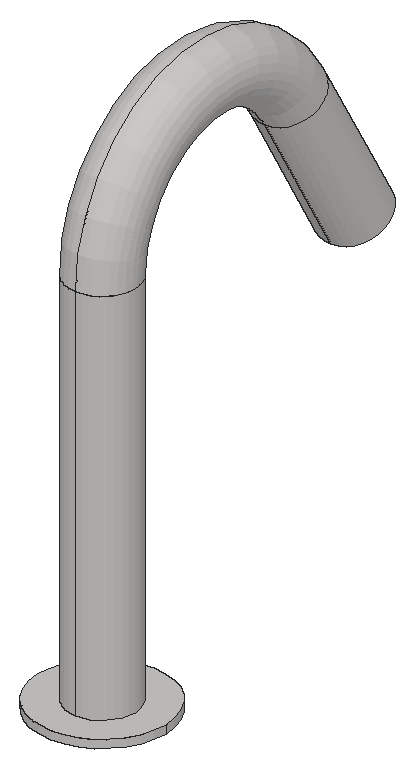
Revit family "TLE26SS1A", category 衛生器具, Revit 2019
Family settings
  丸型コネクタ寸法 = 直径を使用
  パーツ タイプ = 標準
  OmniClass 番号 = 23.45.00.00
  OmniClass タイトル = Sanitary, Laundry, and Cleaning Equipment
  作業面ベース = いいえ
  常に垂直 = はい
  ロード時にボイドで切り取り = はい
  共有 = いいえ
  部屋計算ポイント = いいえ
Parameters (values of type "TLE26SS1A")
  電線管接続口 = ""
  電源種別 = ""
  電源接続口 = ""
  電圧 = "100V"
  雑排水負荷単位 = 0
  陶器色 = none
  負荷分類 = "9_コンセント"
  製造停止年月 = ""
  製品出荷対象 = "国内"
  製品リリース年月 = "2022年08月"
  製品グループ = ""
  給湯負荷単位 = 0
  給水量情報 = ""
  給水負荷単位(洗浄) = 0
  給水負荷単位(水栓) = 0
  給水接続口情報 = ""
  給水接続口 = ""
  給水タイプ = ""
  積算_科目 = ""
  積算_拾い区分 = ""
  相 = "1"
  盤記号 = ""
  消費電力 = ""
  流量 = ""
  洗浄水量 = ""
  汚水負荷単位 = 0
  標準取付高さ = ""
  極数 = "2"
  最高使用圧力 = 0.0 MPa
  最低使用圧力 = 0.0 MPa
  排水芯・排水高さ = ""
  排水接続口情報 = ""
  排水接続口 = ""
  排水 = ""
  幹線記号 = ""
  幅 = "48"
  奥行 = "115"
  周波数 = ""
  参照している仕様書等のバージョン = ""
  分類コード = ""
  分類グループ = ""
  使用水 = "上水"
  企業コード = "504860"
  付属単位 = ""
  中水負荷単位 = 0
  中水接続口 = ""
  上水負荷単位 = 0
  パネル色 = none
  データ作成ソフトVer = "Revit ver.2019"
  タイプのイメージ = ""
  カウンター色 = none
  IfcTypeProduct = ""
  IfcProduct = ""
  IfcExportType = ""
  IfcExportAs = ""
  説明 = "台付自動水栓_コンテンポラリタイプ__高さ205mm"
  設置形態 = ""
  記号 = ""
  製造元 = "TOTO株式会社"
  系統 = ""
  符号 = ""
  特殊仕様 = ""
  法定耐用年数 = ""
  構成品番 = "TLE26SS1A"
  材質 = ""
  温水配管 = yes
  消耗品・備品情報 = ""
  水配管 = yes
  排水配管 = yes
  排気配管 = yes
  形式 = ""
  商品紹介URL = "https://jp.toto.com/products/faucetgroom/functionaqua/"
  商品情報URL = "https://www.com-et.com/jp/item_search/with_img=1/isHaiban=1/kensaku_info=2/qno=0/cometSearch_cate=cometSearch_cate01/searchStr=TLE26SS1A/"
  呼称 = ""
  仕様 = ""
  モデル = "TLE26SS1A"
  データ作成年月 = ""
  コメント [instance] = ""
  キーノート = "0表示の場合は商品仕様と設計数量をご確認ください"
  URL = "https://jp.toto.com"
  JIS記号 = ""
  BLCJ仕様バージョン = "Version1.0"
  3Dファイル形式 = "rfa"
Reference planes
  plane 1 "中心(正面/背面)": y = 0
  plane 2: z = 0
  plane 3 "中心(左/右)": x = 0
  plane 4: z = 205
  plane 5: y = 115
  plane 6: z = 113
Dimensions and locks
  plane 4 to plane 2 = 205 mm  (x2)
  plane 6 to plane 2 = 113 mm
  plane 1 "中心(正面/背面)" to plane 5 = 115 mm
  aligned and locked: level to plane 2
Nested families
  nested 1: "TLE26SS1A" at (0, 0, 0), type "TLE26SS1A"
Definition of nested family "TLE26SS1A"
  Parameters (values of type "TLE24007J")
    Manufacturer = "TOTO株式会社"
    便器マテリアル = none
    Model = ""
    URL = "https://jp.toto.com/"
  Reference planes
    plane 1 "中心(正面/背面)": y = 0
    plane 2: z = 0
    plane 3 "中心(左/右)": x = 0
    plane 4: z = 205
    plane 5: y = -115
    plane 6: z = 113
  Forms (mm)
    Extrusion 1, solid, material <- "便器マテリアル"
      sketch origin (0, 85, -750) x (1, 0, 0) y (0, 1, 0)
        loop
          circle (0, -85) r 24
      from 750 to 753
    Sweep 2, solid, material <- "便器マテリアル"
      path origin (0, 85, -744.055) x (0, 1, 0) y (0, 0, 1)
        loop
          line (-85, 747.055) -> (-85, 889.062)
          arc (-85, 889.062) -> (-119.501, 934.026) -> (-171.862, 912.338) r 46.55
          line (-171.862, 912.338) -> (-202.765, 858.816)
      profile origin (0, 0, 74.004) x (0, -1, 0) y (1, 0, 0)
        loop
          circle (0, 0) r 12.5
  Lines and regions (mm)
    Masking region 1
      outline origin (0, 0, 0) x (1, 0, 0) y (0, 1, 0)
        loop
          line (-12.5, 0) -> (-12.5, -117.765)
          spline (-12.5, -117.765) -> (-12.074, -120.567) -> (-10.825, -123.178) -> (-8.839, -125.42) -> (-6.25, -127.14) -> (-3.235, -128.221) -> (0, -128.59) -> (3.235, -128.221) -> (6.25, -127.14) -> (8.839, -125.42) -> (10.825, -123.178) -> (12.074, -120.567) -> (12.5, -117.765)
          line (12.5, -117.765) -> (12.5, 0)
          arc (12.5, 0) -> (0, 12.5) -> (-12.5, 0) r 12.5
  Text (mm)
    text "112" at (463.8, 0, 372.231), in view "正面"
  Dimensions and locks
    plane 4 to level = 205 mm
    plane 5 to plane 1 "中心(正面/背面)" = 115 mm
    plane 6 to level = 113 mm
    aligned and locked: level to plane 2
